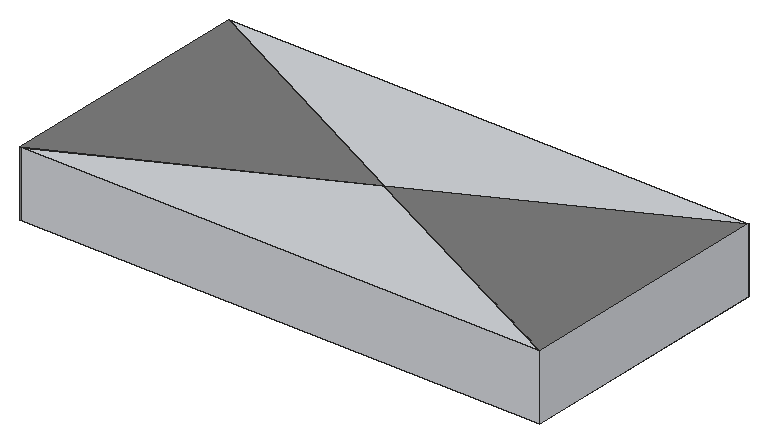
Revit family "電線管用ファミリ(片側のみ)_11", category Electrical Fixtures, Revit 2021
Family settings
  Maintain Annotation Orientation = No
  Round Connector Dimension = Use Diameter
  Part Type = Normal
  OmniClass Number = 23.80.00.00
  OmniClass Title = Electric Power and Lighting
  Work Plane-Based = No
  Always vertical = Yes
  Cut with Voids When Loaded = No
  Shared = No
  Room Calculation Point = No
Parameters
  コネクタ直径 [instance] = 16 mm
  W [instance] = 400 mm
  Default Elevation = 0 mm
  D [instance] = 200 mm
Reference planes
  plane 1 "Center (Front/Back)": y = 0
  plane 2: z = 0
  plane 3 "Center (Left/Right)": x = 0
  plane 4: x = -200
  plane 5: x = 200
  plane 6: y = 100
  plane 7: y = -100
  plane 8: z = 50
Forms (mm)
  Extrusion 1, solid
    sketch origin (0, 0, 0) x (1, 0, 0) y (0, 1, 0)
      loop
        line (-200, 100) -> (-200, -100) -> (200, -100) -> (200, 100) -> (-200, 100)
    from 0 to 50
  Extrusion 2, solid, material "Default Solid Fill"
    sketch origin (0, 0, 0) x (1, 0, 0) y (0, 1, 0)
      loop
        line (-200, 100) -> (-200, -100) -> (0, 0) -> (-200, 100)
    from 0 to 50
  Extrusion 3, solid, material "Default Solid Fill"
    sketch origin (0, 0, 0) x (1, 0, 0) y (0, 1, 0)
      loop
        line (200, 100) -> (0, 0) -> (200, -100) -> (200, 100)
    from 0 to 50
Dimensions and locks
  equal spacing: plane 4, plane 3 "Center (Left/Right)", plane 5
  "W": plane 4 to plane 5
  equal spacing: plane 6, plane 1 "Center (Front/Back)", plane 7
  "D": plane 6 to plane 7
  aligned and locked: level to plane 2
  aligned and locked: plane 8 to Extrusion 1
  aligned and locked: plane 8 to Extrusion 2
  aligned and locked: plane 8 to Extrusion 3
Automatic sketch dimensions
  Extrusion 1 sketch curve to plane 4 = 0 mm
  Extrusion 1 sketch curve to plane 5 = 0 mm
  Extrusion 1 sketch curve to plane 7 = 0 mm
  Extrusion 1 sketch curve to plane 6 = 0 mm
  Extrusion 2 sketch curve to plane 4 = 0 mm
  plane 1 "Center (Front/Back)" to Extrusion 2 sketch curve = 0 mm
  Extrusion 2 sketch curve to plane 3 "Center (Left/Right)" = 0 mm
  Extrusion 2 sketch curve to plane 7 = 0 mm
  Extrusion 2 sketch curve to plane 6 = 0 mm
  plane 1 "Center (Front/Back)" to Extrusion 3 sketch curve = 0 mm
  Extrusion 3 sketch curve to plane 3 "Center (Left/Right)" = 0 mm
  Extrusion 3 sketch curve to plane 5 = 0 mm
  Extrusion 3 sketch curve to plane 7 = 0 mm
  Extrusion 3 sketch curve to plane 6 = 0 mm
Connectors
  cabletrayconduit at (0, 0, 50), diameter 16
    settings: on Extrusion 1, index 1, connector width 300 mm, connector height 300 mm, connector angle 0.00°, system type 32, placement type 0, profile type 0, connector reference index -1, is primary connector yes, connector utility param no, connector description ""
